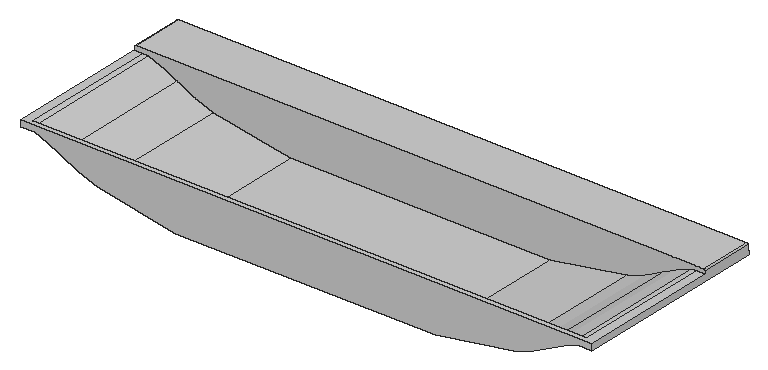
Revit family "NLRS_74_PF_UN_wastafel_S8VR5030000_SPHINX_BCB", category Plumbing Fixtures, Revit 2016
Family settings
  Part Type = Normal
  Round Connector Dimension = Use Diameter
  OmniClass Number = 23.45.00.00
  OmniClass Title = Sanitary, Laundry, and Cleaning Equipment
  Work Plane-Based = No
  Always vertical = Yes
  Cut with Voids When Loaded = No
  Shared = No
  Room Calculation Point = No
Parameters
  NLRS_C_type = "Wastafel zonder kraangat en overloop"
  NLRS_C_serie = "420"
  NLRS_C_revit_versie = "2016"
  NLRS_C_content_versie = "2.0"
  NLRS_C_content_provider = "BouwConnect"
  NLRS_C_content_datum_uitgifte = "APR-2018"
  NLRS_C_content_datum_gewijzigd = "APR-2018"
  NLRS_C_content_creator = "BouwConnect"
  NLRS_C_URL_product_data = "http://www.sphinx.nl/producten/wastafels-%7C-fonteinen/oplegwastafels/sphinx-420-%7C-oplegwastafel-140-varicor/38246/"
  diameter uit = 75 mm  # constant formula
  WFU = 0
  URL = "http://www.sphinx.nl/"
  Type Comments = ""
  NLRS_S_gewicht = 18.00 kg
  NLRS_C_materiaal = none
  NLRS_C_lengte = 480 mm
  NLRS_C_hoogte = 25 mm
  NLRS_C_diameter_uit = 45 mm
  NLRS_C_diameter_in = 35 mm
  NLRS_C_breedte = 1400 mm
  Model = ""
  Manufacturer = "Sphinx"
  Keynote = ""
  IfcTypeProduct = "IfcSanitaryTerminalType"
  IfcExportType = "SINK"
  IfcExportAs = "IfcSanitaryTerminalTypeEnum"
  IfcElement = "IfcFlowTerminal"
  NLRS_C_code_EAN = "8711754429994"
  Description = "wastafel"
  CWFU = 0
  NLRS_C_URL_BCB = "http://bcb-online.nl/?zoekterm=Sphinx+++%5bGeberit+B.V.%5d"
  Assembly Code = "47.11"
Reference planes
  plane 1 "Center (Front/Back)": y = 0
  plane 2: z = 0
  plane 3 "Center (Left/Right)": x = 0
  plane 4: y = -237.5
  plane 5: z = -10
  plane 6: y = -82.5
  plane 7: x = -325
Forms (mm)
  Extrusion 1, solid, not visible, detail levels medium+fine
    sketch origin (-1000, -37.5, 0) x (1, 0, 0) y (0, 1, 0)
      loop
        circle (999.991, -200) r 37.5
    from -150 to -135
  Extrusion 2, solid, material "bcb_porselein"
    sketch origin (0, 0, -0.001) x (1, 0, 0) y (0, 0, 1)
      loop
        line (-699.471, -9.999) -> (-699.995, -24.999) -> (-665.133, -24.999)
        arc (-665.133, -24.999) -> (-632.75, -36.896) -> (-601.937, -52.41) r 301.764
        arc (-601.937, -52.41) -> (-557.308, -74.663) -> (-510.299, -91.308) r 408.301
        arc (-510.299, -91.308) -> (-415.223, -113.256) -> (-318.374, -125.15) r 932.578
        arc (-318.374, -125.15) -> (0, -136.274) -> (318.374, -125.15) r 4561.389
        arc (318.374, -125.15) -> (415.223, -113.256) -> (510.299, -91.308) r 932.578
        arc (510.299, -91.308) -> (557.308, -74.663) -> (601.937, -52.41) r 408.301
        arc (601.937, -52.41) -> (632.75, -36.896) -> (665.133, -24.999) r 301.764
        line (665.133, -24.999) -> (699.995, -24.999) -> (699.471, -9.999) -> (678.286, -9.999)
        arc (678.286, -9.999) -> (671.995, -10.441) -> (665.828, -11.758) r 45
        arc (665.828, -11.758) -> (629.85, -24.537) -> (595.687, -41.585) r 314.264
        arc (595.687, -41.585) -> (552.424, -63.156) -> (506.854, -79.292) r 395.801
        arc (506.854, -79.292) -> (413.052, -100.946) -> (317.502, -112.68) r 920.078
        arc (317.502, -112.68) -> (0, -123.774) -> (-317.502, -112.68) r 4548.889
        arc (-317.502, -112.68) -> (-413.052, -100.946) -> (-506.854, -79.292) r 920.078
        arc (-506.854, -79.292) -> (-552.424, -63.156) -> (-595.687, -41.585) r 395.801
        arc (-595.687, -41.585) -> (-629.85, -24.537) -> (-665.828, -11.758) r 314.264
        arc (-665.828, -11.758) -> (-671.995, -10.441) -> (-678.286, -9.999) r 45
        line (-678.286, -9.999) -> (-699.471, -9.999)
    from 0 to 480
  Extrusion 3, solid, material "bcb_porselein"
    sketch origin (0, 0, -0.001) x (1, 0, 0) y (0, 0, 1)
      loop
        line (-699.257, -3.855) -> (-699.471, -9.999) -> (699.471, -9.999) -> (699.257, -3.855)
        arc (699.257, -3.855) -> (698.039, -1.119) -> (695.263, 0.005) r 4
        line (695.263, 0.005) -> (-695.263, 0.005)
        arc (-695.263, 0.005) -> (-698.039, -1.119) -> (-699.257, -3.855) r 4
    from 0 to 130.5
  Extrusion 4, solid, material "bcb_porselein"
    sketch origin (0, 0, -0.001) x (1, 0, 0) y (0, 0, 1)
      loop
        line (-699.471, -9.999) -> (-699.995, -24.999) -> (-665.133, -24.999)
        arc (-665.133, -24.999) -> (-632.75, -36.896) -> (-601.937, -52.41) r 301.764
        arc (-601.937, -52.41) -> (-557.308, -74.663) -> (-510.299, -91.308) r 408.301
        arc (-510.299, -91.308) -> (-415.223, -113.256) -> (-318.374, -125.15) r 932.578
        arc (-318.374, -125.15) -> (0, -136.274) -> (318.374, -125.15) r 4561.389
        arc (318.374, -125.15) -> (415.223, -113.256) -> (510.299, -91.308) r 932.578
        arc (510.299, -91.308) -> (557.308, -74.663) -> (601.937, -52.41) r 408.301
        arc (601.937, -52.41) -> (632.75, -36.896) -> (665.133, -24.999) r 301.764
        line (665.133, -24.999) -> (699.995, -24.999) -> (699.471, -9.999) -> (-699.471, -9.999)
    from 467.5 to 480
  Extrusion 5, solid, material "bcb_porselein"
    sketch origin (0, 0, -0.001) x (1, 0, 0) y (0, 0, 1)
      loop
        line (-699.471, -9.999) -> (-699.995, -24.999) -> (-665.133, -24.999)
        arc (-665.133, -24.999) -> (-632.75, -36.896) -> (-601.937, -52.41) r 301.764
        arc (-601.937, -52.41) -> (-557.308, -74.663) -> (-510.299, -91.308) r 408.301
        arc (-510.299, -91.308) -> (-415.223, -113.256) -> (-318.374, -125.15) r 932.578
        arc (-318.374, -125.15) -> (0, -136.274) -> (318.374, -125.15) r 4561.389
        arc (318.374, -125.15) -> (415.223, -113.256) -> (510.299, -91.308) r 932.578
        arc (510.299, -91.308) -> (557.308, -74.663) -> (601.937, -52.41) r 408.301
        arc (601.937, -52.41) -> (632.75, -36.896) -> (665.133, -24.999) r 301.764
        line (665.133, -24.999) -> (699.995, -24.999) -> (699.471, -9.999) -> (-699.471, -9.999)
    from 0 to 130.5
  Revolve 6, solid, material "bcb_porselein"
    sketch origin (0, -237.5, -0.001) x (1, 0, 0) y (0, 0, 1)
      loop
        line (-43.82, -146.287) -> (-43.495, -149.999) -> (0, -149.999) -> (0, -132.499) -> (-54.389, -132.499) -> (-54.389, -136.253)
        arc (-54.389, -136.253) -> (-47.204, -139.269) -> (-43.82, -146.287) r 11
      axis (0, -132.499) -> (0, -149.999)
    angle from 0 to 360
Cuts and joins
  joined: Extrusion 2, Extrusion 3, Extrusion 4, Extrusion 5
Dimensions and locks
  plane 2 to plane 5 = 10 mm
  plane 7 to plane 3 "Center (Left/Right)" = 325 mm
  aligned and locked: level to plane 2
  aligned and locked: Extrusion 3 to plane 5
Connectors
  piping at (-0.009, -237.5, -150), diameter 75, driven by "WFU", driven by "diameter uit"
    settings: on Extrusion 1, index 1, connector inside diameter 609.6 mm, connector length 0 mm, flow factor 0, pipe flow 0.0 L/s, pressure drop 0.0 Pa, fitting loss kfactor 0, connector angle 0.00°, fixture units 0, engagement length 0 mm, angle of deflection 0.00°, flow configuration 3, flow direction 2, fitting loss method 0, system type 16, joint type 0, gender type 0, connector reference index -1, connector utility 0, adjustable connector no, is connector primary yes, connector description ""
